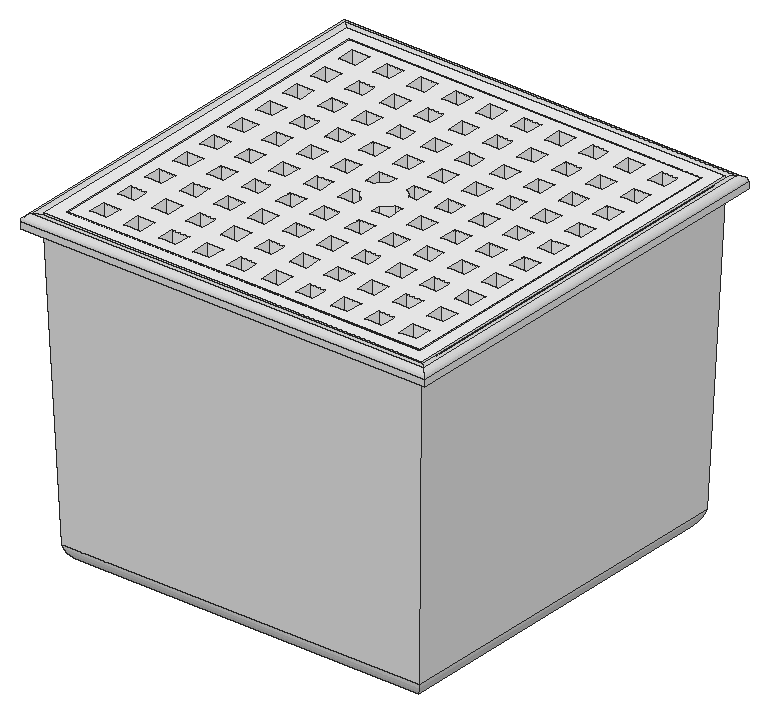
Revit family (continued)
Automatic sketch dimensions
  curve 12 to curve 11 = 0' - 0"
  curve 15 to curve 16 = 0' - 0"
  curve 13 to curve 12 = 0' - 0"
  curve 14 to curve 15 = 0' - 0"
  curve 18 to curve 13 = 0' - 0"
  curve 14 to curve 8 = 0' - 0.25689"
  curve 7 to curve 4 = 0' - 0.5143"
  curve 16 to curve 17 = 0' - 0 175/256"
  curve 15 to curve 16 = 0' - 0 175/256"
  curve 14 to curve 15 = 0' - 0 175/256"
  curve 6 to curve 14 = 0' - 0.41119"
  curve 3 to curve 7 = 0' - 0.51435"
  curve 13 to curve 12 = 0' - 0 175/256"
  curve 12 to curve 11 = 0' - 0 175/256"
  curve 11 to curve 10 = 0' - 0 175/256"
  curve 10 to curve 9 = 0' - 0 175/256"
  curve 9 to curve 8 = 0' - 0.41119"
  curve 5 to curve 2 = 0' - 0.51435"
  plane 1 "Center (Front/Back)" to Extrusion 1 sketch curve = 0' - 0"
  Extrusion 1 sketch curve to plane 3 "Center (Left/Right)" = 0' - 0"
  Sweep 2 sketch curve to plane 3 "Center (Left/Right)" = 0' - 4"
  plane 3 "Center (Left/Right)" to Sweep 2 sketch curve = 0' - 4"
  plane 1 "Center (Front/Back)" to Sweep 2 sketch curve = 0' - 4"
  Sweep 2 sketch curve to plane 1 "Center (Front/Back)" = 0' - 4"
  Sweep 2 sketch curve to level = 0' - 0"
  Sweep 2 sketch curve to profile plane = 0' - 0"
  profile plane to Sweep 2 sketch curve = 0' - 0 1/8"
  Sweep 2 sketch curve to Sweep 2 sketch curve = 0' - 0.01731"
  Sweep 2 sketch curve to level = 0' - 0.12064"
  profile plane to Sweep 2 sketch curve = 0' - 0.45562"
  Sweep 2 sketch curve to level = 0' - 0.11191"
  Sweep 2 sketch curve to Sweep 2 sketch curve = 0' - 0.2497"  (x2)
  Sweep 2 sketch curve to Sweep 2 sketch curve = 0' - 0.12063"
  Sweep 2 sketch curve to Sweep 2 sketch curve = 0' - 0.04843"
  Sweep 2 sketch curve to Sweep 2 sketch curve = 0' - 0.01792"
  Sweep 2 sketch curve to Sweep 2 sketch curve = 0' - 5.46811"
  Sweep 2 sketch curve to Sweep 2 sketch curve = 0' - 0.04935"
  Sweep 2 sketch curve to Sweep 2 sketch curve = 0' - 0.00872"
  level to Sweep 2 sketch curve = 0' - 0 1/8"
  plane 1 "Center (Front/Back)" to Extrusion 3 sketch curve = 0' - 0"
  Extrusion 3 sketch curve to plane 3 "Center (Left/Right)" = 0' - 0"
  Extrusion 3 sketch curve to plane 3 "Center (Left/Right)" = 0' - 3.16961"
  plane 3 "Center (Left/Right)" to Extrusion 3 sketch curve = 0' - 3.16961"
  plane 1 "Center (Front/Back)" to Extrusion 3 sketch curve = 0' - 3.16961"
  Extrusion 3 sketch curve to plane 1 "Center (Front/Back)" = 0' - 3.16961"
  Revolve 4 sketch curve to plane 1 "Center (Front/Back)" = 0' - 0"
  Revolve 4 sketch curve to plane 4 "Base" = 0' - 0"  (x2)
  Revolve 4 sketch curve to plane 1 "Center (Front/Back)" = 0' - 2 1/4"
  Revolve 4 sketch curve to plane 5 = 0' - 0.37063"
  Revolve 4 sketch curve to Revolve 4 sketch curve = 0' - 0.16468"
  Revolve 5 sketch curve to Revolve 5 sketch curve = 0' - 0"  (x2)
  Revolve 5 sketch curve to plane 1 "Center (Front/Back)" = 0' - 0"  (x2)
  Revolve 5 sketch curve to plane 5 = 0' - 0.12063"
  Revolve 5 sketch curve to plane 1 "Center (Front/Back)" = 0' - 1.84756"
  Revolve 5 sketch curve to Revolve 5 sketch curve = 0' - 0 5/32"
  Revolve 5 sketch curve to plane 4 "Base" = 1' - 5 1/2"
  level to Revolve 5 sketch curve = 7' - 8.10899"
  Extrusion 6 sketch curve to Extrusion 6 sketch curve = 0' - 0"  (x4)
  Extrusion 6 sketch curve to plane 3 "Center (Left/Right)" = 0' - 0"
  Extrusion 6 sketch curve to plane 3 "Center (Left/Right)" = 0' - 0.09344"
  Extrusion 6 sketch curve to plane 3 "Center (Left/Right)" = 0' - 0.10297"
  Extrusion 6 sketch curve to Extrusion 6 sketch curve = 0' - 0.00759"  (x3)
  Extrusion 6 sketch curve to Extrusion 6 sketch curve = 0' - 0.09344"  (x2)
  plane 3 "Center (Left/Right)" to Extrusion 6 sketch curve = 0' - 0.09344"
  plane 3 "Center (Left/Right)" to Extrusion 6 sketch curve = 0' - 0.10297"
  Extrusion 6 sketch curve to plane 1 "Center (Front/Back)" = 0' - 0.46116"
  Extrusion 6 sketch curve to Extrusion 6 sketch curve = 0' - 1.2677"
  Extrusion 7 sketch curve to Extrusion 7 sketch curve = 0' - 0"  (x4)
  plane 3 "Center (Left/Right)" to Extrusion 7 sketch curve = 0' - 0.76946"
  Extrusion 7 sketch curve to plane 1 "Center (Front/Back)" = 0' - 1.56059"
  Extrusion 7 sketch curve to Extrusion 7 sketch curve = 0' - 0.08585"
  Extrusion 7 sketch curve to Extrusion 7 sketch curve = 0' - 0.00759"  (x3)
  Extrusion 7 sketch curve to Extrusion 7 sketch curve = 0' - 0.10297"
  Extrusion 7 sketch curve to Extrusion 7 sketch curve = 0' - 0.09344"  (x3)
  Extrusion 7 sketch curve to Extrusion 7 sketch curve = 0' - 0.20593"
  Extrusion 7 sketch curve to Extrusion 7 sketch curve = 0' - 1.26011"
  Extrusion 8 sketch curve to Extrusion 8 sketch curve = 0' - 0"  (x4)
  Extrusion 8 sketch curve to plane 3 "Center (Left/Right)" = 0' - 1.09992"
  Extrusion 8 sketch curve to plane 1 "Center (Front/Back)" = 0' - 1.34822"
  Extrusion 8 sketch curve to Extrusion 8 sketch curve = 0' - 0.08585"
  Extrusion 8 sketch curve to Extrusion 8 sketch curve = 0' - 0.09344"  (x4)
  Extrusion 8 sketch curve to Extrusion 8 sketch curve = 0' - 0.10297"
  Extrusion 8 sketch curve to Extrusion 8 sketch curve = 0' - 0.20593"
  Extrusion 8 sketch curve to Extrusion 8 sketch curve = 0' - 0.00759"  (x2)
  Extrusion 8 sketch curve to Extrusion 8 sketch curve = 0' - 1.26011"
  Extrusion 9 sketch curve to Extrusion 9 sketch curve = 0' - 0"  (x4)
  Extrusion 9 sketch curve to plane 1 "Center (Front/Back)" = 0' - 0.53953"
  Extrusion 9 sketch curve to plane 3 "Center (Left/Right)" = 0' - 1.65422"
  Extrusion 9 sketch curve to Extrusion 9 sketch curve = 0' - 0.08585"
  Extrusion 9 sketch curve to Extrusion 9 sketch curve = 0' - 0.09344"  (x4)
  Extrusion 9 sketch curve to Extrusion 9 sketch curve = 0' - 0.10297"
  Extrusion 9 sketch curve to Extrusion 9 sketch curve = 0' - 0.20593"
  Extrusion 9 sketch curve to Extrusion 9 sketch curve = 0' - 0.00759"  (x2)
  Extrusion 9 sketch curve to Extrusion 9 sketch curve = 0' - 1.26011"
  Extrusion 10 sketch curve to Extrusion 10 sketch curve = 0' - 0"  (x4)
  plane 1 "Center (Front/Back)" to Extrusion 10 sketch curve = 0' - 0.44045"
  Extrusion 10 sketch curve to plane 3 "Center (Left/Right)" = 0' - 1.68331"
  Extrusion 10 sketch curve to Extrusion 10 sketch curve = 0' - 0.08585"
  Extrusion 10 sketch curve to Extrusion 10 sketch curve = 0' - 0.09344"  (x4)
  Extrusion 10 sketch curve to Extrusion 10 sketch curve = 0' - 0.10297"
  Extrusion 10 sketch curve to Extrusion 10 sketch curve = 0' - 0.20593"
  Extrusion 10 sketch curve to Extrusion 10 sketch curve = 0' - 0.00759"  (x2)
  Extrusion 10 sketch curve to Extrusion 10 sketch curve = 0' - 1.26011"
  Extrusion 11 sketch curve to Extrusion 11 sketch curve = 0' - 0"  (x4)
  plane 1 "Center (Front/Back)" to Extrusion 11 sketch curve = 0' - 1.2806"
  Extrusion 11 sketch curve to plane 3 "Center (Left/Right)" = 0' - 1.17796"
  Extrusion 11 sketch curve to Extrusion 11 sketch curve = 0' - 0.08585"
  Extrusion 11 sketch curve to Extrusion 11 sketch curve = 0' - 0.09344"  (x4)
  Extrusion 11 sketch curve to Extrusion 11 sketch curve = 0' - 0.10297"
  Extrusion 11 sketch curve to Extrusion 11 sketch curve = 0' - 0.20593"
  Extrusion 11 sketch curve to Extrusion 11 sketch curve = 0' - 0.00759"  (x2)
  Extrusion 11 sketch curve to Extrusion 11 sketch curve = 0' - 1.26011"
  Extrusion 12 sketch curve to Extrusion 12 sketch curve = 0' - 0"  (x4)
  Extrusion 12 sketch curve to plane 3 "Center (Left/Right)" = 0' - 0.29862"
  plane 1 "Center (Front/Back)" to Extrusion 12 sketch curve = 0' - 1.71416"
  Extrusion 12 sketch curve to Extrusion 12 sketch curve = 0' - 0.08585"
  Extrusion 12 sketch curve to Extrusion 12 sketch curve = 0' - 0.09344"  (x4)
  Extrusion 12 sketch curve to Extrusion 12 sketch curve = 0' - 0.10297"
  Extrusion 12 sketch curve to Extrusion 12 sketch curve = 0' - 0.20593"
  Extrusion 12 sketch curve to Extrusion 12 sketch curve = 0' - 0.00759"  (x2)
  Extrusion 12 sketch curve to Extrusion 12 sketch curve = 0' - 1.26011"
  Extrusion 13 sketch curve to Extrusion 13 sketch curve = 0' - 0"  (x4)
  plane 3 "Center (Left/Right)" to Extrusion 13 sketch curve = 0' - 0.67553"
  plane 1 "Center (Front/Back)" to Extrusion 13 sketch curve = 0' - 1.60349"
  Extrusion 13 sketch curve to Extrusion 13 sketch curve = 0' - 0.08585"
  Extrusion 13 sketch curve to Extrusion 13 sketch curve = 0' - 0.09344"  (x4)
  Extrusion 13 sketch curve to Extrusion 13 sketch curve = 0' - 0.10297"
  Extrusion 13 sketch curve to Extrusion 13 sketch curve = 0' - 0.20593"
  Extrusion 13 sketch curve to Extrusion 13 sketch curve = 0' - 0.00759"  (x2)
  Extrusion 13 sketch curve to Extrusion 13 sketch curve = 0' - 1.26011"
  Extrusion 14 sketch curve to Extrusion 14 sketch curve = 0' - 0"  (x4)
  plane 1 "Center (Front/Back)" to Extrusion 14 sketch curve = 0' - 0.98373"
  plane 3 "Center (Left/Right)" to Extrusion 14 sketch curve = 0' - 1.4352"
  Extrusion 14 sketch curve to Extrusion 14 sketch curve = 0' - 0.08585"
  Extrusion 14 sketch curve to Extrusion 14 sketch curve = 0' - 0.00759"  (x3)
  Extrusion 14 sketch curve to Extrusion 14 sketch curve = 0' - 0.10297"
  Extrusion 14 sketch curve to Extrusion 14 sketch curve = 0' - 0.09344"  (x3)
  Extrusion 14 sketch curve to Extrusion 14 sketch curve = 0' - 0.20593"
  Extrusion 14 sketch curve to Extrusion 14 sketch curve = 0' - 1.26011"
  Extrusion 15 sketch curve to Extrusion 15 sketch curve = 0' - 0"  (x4)
  plane 1 "Center (Front/Back)" to Extrusion 15 sketch curve = 0' - 0.05163"
  plane 3 "Center (Left/Right)" to Extrusion 15 sketch curve = 0' - 1.73921"
  Extrusion 15 sketch curve to Extrusion 15 sketch curve = 0' - 0.08585"
  Extrusion 15 sketch curve to Extrusion 15 sketch curve = 0' - 0.09344"  (x4)
  Extrusion 15 sketch curve to Extrusion 15 sketch curve = 0' - 0.10297"
  Extrusion 15 sketch curve to Extrusion 15 sketch curve = 0' - 0.20593"
  Extrusion 15 sketch curve to Extrusion 15 sketch curve = 0' - 0.00759"  (x2)
  Extrusion 15 sketch curve to Extrusion 15 sketch curve = 0' - 1.26011"
  Extrusion 16 sketch curve to Extrusion 16 sketch curve = 0' - 0"  (x4)
  Extrusion 16 sketch curve to plane 1 "Center (Front/Back)" = 0' - 0.89685"
  plane 3 "Center (Left/Right)" to Extrusion 16 sketch curve = 0' - 1.49103"
  Extrusion 16 sketch curve to Extrusion 16 sketch curve = 0' - 0.08585"
  Extrusion 16 sketch curve to Extrusion 16 sketch curve = 0' - 0.09344"  (x4)
  Extrusion 16 sketch curve to Extrusion 16 sketch curve = 0' - 0.10297"
  Extrusion 16 sketch curve to Extrusion 16 sketch curve = 0' - 0.20593"
  Extrusion 16 sketch curve to Extrusion 16 sketch curve = 0' - 0.00759"  (x2)
  Extrusion 16 sketch curve to Extrusion 16 sketch curve = 0' - 1.26011"
  plane 1 "Center (Front/Back)" to Extrusion 17 sketch curve = 0' - 0"
  Extrusion 17 sketch curve to plane 3 "Center (Left/Right)" = 0' - 0"
  Extrusion 18 sketch curve to Extrusion 18 sketch curve = 0' - 0"  (x101)
  plane 1 "Center (Front/Back)" to Extrusion 18 sketch curve = 0' - 0"
  Extrusion 18 sketch curve to plane 3 "Center (Left/Right)" = 0' - 0"
  Extrusion 18 sketch curve to Extrusion 18 sketch curve = 0' - 0.25689"  (x2)
  plane 1 "Center (Front/Back)" to Extrusion 18 sketch curve = 0' - 0 11/64"  (x8)
  Extrusion 18 sketch curve to Extrusion 18 sketch curve = 0' - 0 87/256"  (x229)
  Extrusion 18 sketch curve to Extrusion 18 sketch curve = 0' - 0.16992"  (x8)
  Extrusion 18 sketch curve to plane 3 "Center (Left/Right)" = 0' - 0 11/64"  (x10)
  plane 3 "Center (Left/Right)" to Extrusion 18 sketch curve = 0' - 0 11/64"  (x10)
  Extrusion 18 sketch curve to Extrusion 18 sketch curve = 0' - 0.24127"  (x2)
  Extrusion 18 sketch curve to Extrusion 18 sketch curve = 0' - 0 11/32"  (x36)
  Extrusion 18 sketch curve to plane 1 "Center (Front/Back)" = 0' - 0 11/64"  (x10)
  Extrusion 19 sketch curve to level = 0' - 0.11191"
  plane 3 "Center (Left/Right)" to Extrusion 19 sketch curve = 0' - 3.48736"
  Extrusion 19 sketch curve to Extrusion 19 sketch curve = 0' - 0 1/4"
  level to Extrusion 19 sketch curve = 0' - 0.18727"
  Extrusion 19 sketch curve to Extrusion 19 sketch curve = 0' - 0.06273"
  Extrusion 20 sketch curve to level = 0' - 0.11191"
  Extrusion 20 sketch curve to plane 3 "Center (Left/Right)" = 0' - 3.48736"
  Extrusion 20 sketch curve to Extrusion 20 sketch curve = 0' - 0 1/4"
  level to Extrusion 20 sketch curve = 0' - 0.18727"
  level to Extrusion 20 sketch curve = 0' - 0 1/4"
  Extrusion 21 sketch curve to level = 0' - 0.11191"
  plane 1 "Center (Front/Back)" to Extrusion 21 sketch curve = 0' - 3.48736"
  Extrusion 21 sketch curve to Extrusion 21 sketch curve = 0' - 0 1/4"
  level to Extrusion 21 sketch curve = 0' - 0.18727"
  Extrusion 21 sketch curve to Extrusion 21 sketch curve = 0' - 0.06273"
  Extrusion 22 sketch curve to level = 0' - 0.11191"
  Extrusion 22 sketch curve to plane 1 "Center (Front/Back)" = 0' - 3.48736"
  Extrusion 22 sketch curve to Extrusion 22 sketch curve = 0' - 0 1/4"
  level to Extrusion 22 sketch curve = 0' - 0.18727"
  level to Extrusion 22 sketch curve = 0' - 0 1/4"
  Extrusion 23 sketch curve to Extrusion 23 sketch curve = 0' - 0"  (x42)
  plane 1 "Center (Front/Back)" to Extrusion 23 sketch curve = 0' - 0"
  Extrusion 23 sketch curve to plane 3 "Center (Left/Right)" = 0' - 0"
  Extrusion 23 sketch curve to plane 3 "Center (Left/Right)" = 0' - 0 11/64"  (x5)
  Extrusion 23 sketch curve to Extrusion 23 sketch curve = 0' - 0.16992"  (x4)
  Extrusion 23 sketch curve to plane 3 "Center (Left/Right)" = 0' - 0.3418"
  Extrusion 23 sketch curve to Extrusion 23 sketch curve = 0' - 0 87/256"  (x121)
  Extrusion 23 sketch curve to Extrusion 23 sketch curve = 0' - 0.25689"  (x2)
  plane 3 "Center (Left/Right)" to Extrusion 23 sketch curve = 0' - 0 11/64"  (x5)
  Extrusion 23 sketch curve to plane 1 "Center (Front/Back)" = 0' - 0 11/64"
  plane 3 "Center (Left/Right)" to Extrusion 23 sketch curve = 0' - 0.3418"
  plane 1 "Center (Front/Back)" to Extrusion 23 sketch curve = 0' - 0 11/64"  (x10)
  Extrusion 23 sketch curve to Extrusion 23 sketch curve = 0' - 0 11/32"  (x21)
  Extrusion 23 sketch curve to Extrusion 23 sketch curve = 0' - 0.24127"
  Extrusion 24 sketch curve to level = 0' - 0.11191"
  plane 3 "Center (Left/Right)" to Extrusion 24 sketch curve = 0' - 3.48736"
  Extrusion 24 sketch curve to Extrusion 24 sketch curve = 0' - 0 1/4"
  level to Extrusion 24 sketch curve = 0' - 0.18727"
  Extrusion 24 sketch curve to Extrusion 24 sketch curve = 0' - 0.06273"
  Extrusion 25 sketch curve to level = 0' - 0.11191"
  Extrusion 25 sketch curve to plane 3 "Center (Left/Right)" = 0' - 3.48736"
  Extrusion 25 sketch curve to Extrusion 25 sketch curve = 0' - 0 1/4"
  level to Extrusion 25 sketch curve = 0' - 0.18727"
  level to Extrusion 25 sketch curve = 0' - 0 1/4"
  Extrusion 26 sketch curve to level = 0' - 0.11191"
  plane 1 "Center (Front/Back)" to Extrusion 26 sketch curve = 0' - 3.48736"
  Extrusion 26 sketch curve to Extrusion 26 sketch curve = 0' - 0 1/4"
  level to Extrusion 26 sketch curve = 0' - 0.18727"
  Extrusion 26 sketch curve to Extrusion 26 sketch curve = 0' - 0.06273"
  Extrusion 27 sketch curve to Extrusion 27 sketch curve = 0' - 0"  (x69)
  plane 1 "Center (Front/Back)" to Extrusion 27 sketch curve = 0' - 0"
  Extrusion 27 sketch curve to plane 3 "Center (Left/Right)" = 0' - 0"
  Extrusion 27 sketch curve to plane 3 "Center (Left/Right)" = 0' - 0 11/64"  (x10)
  Extrusion 27 sketch curve to Extrusion 27 sketch curve = 0' - 0.16992"  (x8)
  Extrusion 27 sketch curve to Extrusion 27 sketch curve = 0' - 0 87/256"  (x181)
  Extrusion 27 sketch curve to Extrusion 27 sketch curve = 0' - 0.25689"  (x2)
  plane 3 "Center (Left/Right)" to Extrusion 27 sketch curve = 0' - 0 11/64"  (x6)
  Extrusion 27 sketch curve to plane 1 "Center (Front/Back)" = 0' - 0 11/64"  (x6)
  plane 1 "Center (Front/Back)" to Extrusion 27 sketch curve = 0' - 0 11/64"  (x10)
  Extrusion 27 sketch curve to Extrusion 27 sketch curve = 0' - 0 11/32"  (x28)
  Extrusion 27 sketch curve to Extrusion 27 sketch curve = 0' - 0.24127"  (x2)
  Extrusion 28 sketch curve to level = 0' - 0.11191"
  plane 3 "Center (Left/Right)" to Extrusion 28 sketch curve = 0' - 3.48736"
  Extrusion 28 sketch curve to Extrusion 28 sketch curve = 0' - 0 1/4"
  level to Extrusion 28 sketch curve = 0' - 0.18727"
  Extrusion 28 sketch curve to Extrusion 28 sketch curve = 0' - 0.06273"
  Extrusion 29 sketch curve to level = 0' - 0.11191"
  Extrusion 29 sketch curve to plane 3 "Center (Left/Right)" = 0' - 3.48736"
  Extrusion 29 sketch curve to Extrusion 29 sketch curve = 0' - 0 1/4"
  level to Extrusion 29 sketch curve = 0' - 0.18727"
  level to Extrusion 29 sketch curve = 0' - 0 1/4"
  Extrusion 30 sketch curve to level = 0' - 0.11191"
  plane 1 "Center (Front/Back)" to Extrusion 30 sketch curve = 0' - 3.48736"
  Extrusion 30 sketch curve to Extrusion 30 sketch curve = 0' - 0 1/4"
  level to Extrusion 30 sketch curve = 0' - 0.18727"
  Extrusion 30 sketch curve to Extrusion 30 sketch curve = 0' - 0.06273"
  Extrusion 31 sketch curve to level = 0' - 0.11191"
  Extrusion 31 sketch curve to plane 1 "Center (Front/Back)" = 0' - 3.48736"
  Extrusion 31 sketch curve to Extrusion 31 sketch curve = 0' - 0 1/4"
  level to Extrusion 31 sketch curve = 0' - 0.18727"
  level to Extrusion 31 sketch curve = 0' - 0 1/4"
  radius of Extrusion 3 sketch curve = 0' - 1"
  radius of Extrusion 17 sketch curve = 0' - 0 1/8"
Connectors (in)
  piping at (0, 0, -7.5), driven by "Pipe Conectior"
    settings: on Extrusion 1, index 1
Types (3): name | Pipe Conectior
  FD-1 - 4" | 0' - 2"
  FD-1 - 3" | 0' - 1 1/2"
  FD-1 - 2" | 0' - 1"
